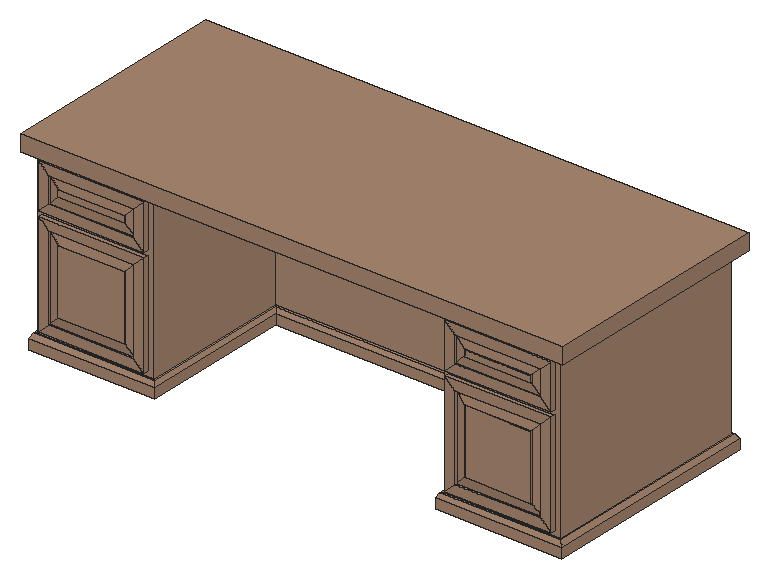
Revit family
Parameters (values of type "Desk - Executive")
  Keynote = "N"
  Assembly Code = "E2020200"
  Material Desk = Wood - Mahogany
Reference planes
  plane 1 "Center F/B": y = 0.647
  plane 2: z = 0
  plane 3 "Center L/R": x = 124.333
  plane 4: x = 1153.033
  plane 5: x = 695.833
  plane 6: x = -447.167
  plane 7: x = -904.367
  plane 8: y = -456.553
  plane 9: y = 419.747
  plane 10: y = -418.453
  plane 11: x = 1191.133
  plane 12: y = 457.847
  plane 13: x = -942.467
  plane 14: y = 216.547
  plane 15: y = 178.447
  plane 16: x = 714.883
  plane 17: x = 1127.633
  plane 18: z = 76.2
  plane 19: z = 501.65
  plane 20: z = 482.6
  plane 21: z = 762
  plane 22: z = 698.5
  plane 23: z = 679.45
  plane 24: x = -885.317
  plane 25: x = -472.567
Forms (mm)
  Extrusion 1, solid, material "Wood - Mahogany" <- "Material Desk"
    sketch origin (0, 0, 0) x (1, 0, 0) y (0, 1, 0)
      loop
        line (-942.467, 457.847) -> (-942.467, -456.553) -> (1191.133, -456.553) -> (1191.133, 457.847) -> (-942.467, 457.847)
    from 698.5 to 762
  Extrusion 2, solid, material "Wood - Mahogany" <- "Material Desk"
    sketch origin (0, 0, 0) x (1, 0, 0) y (0, 1, 0)
      loop
        line (-904.367, 419.747) -> (-904.367, -418.453) -> (-447.167, -418.453) -> (-447.167, 419.747) -> (-904.367, 419.747)
      loop
        line (695.833, -418.453) -> (1153.033, -418.453) -> (1153.033, 419.747) -> (695.833, 419.747) -> (695.833, -418.453)
    from 0 to 698.5
  Extrusion 3, solid, material "Wood - Mahogany" <- "Material Desk"
    sketch origin (0, 0, 0) x (1, 0, 0) y (0, 1, 0)
      loop
        line (-447.167, 216.547) -> (-447.167, 178.447) -> (695.833, 178.447) -> (695.833, 216.547) -> (-447.167, 216.547)
    from 0 to 698.5
  Extrusion 4, solid, material "Wood - Mahogany" <- "Material Desk"
    sketch origin (-4820.773, -418.453, 704.107) x (0, 0, -1) y (1, 0, 0)
      loop
        line (551.707, 5611.856) -> (551.707, 5873.75) -> (297.707, 5873.75) -> (297.707, 5611.856) -> (551.707, 5611.856)
    from 0 to 19.05
  Extrusion 5, solid, material "Wood - Mahogany" <- "Material Desk"
    sketch origin (-4820.773, -418.453, 704.107) x (0, 0, -1) y (1, 0, 0)
      loop
        line (100.857, 5611.856) -> (126.257, 5611.856) -> (126.257, 5873.75) -> (100.857, 5873.75) -> (100.857, 5611.856)
    from 0 to 19.05
  Sweep 6, solid, material "Wood - Mahogany" <- "Material Desk"
    path origin (-4820.773, -418.453, 704.107) x (0, 0, -1) y (1, 0, 0)
      loop
        line (297.707, 5611.856) -> (552.45, 5611.856) -> (552.45, 5873.75) -> (297.707, 5873.75) -> (297.707, 5611.856)
    profile origin (922.03, -418.453, 0) x (0, 0, 1) y (0, -1, 0)
      loop
        line (406.4, 17.181) -> (406.4, 0) -> (482.6, 0) -> (482.6, 19.05) -> (444.5, 19.05) -> (444.5, 10.463) -> (406.4, 17.181)
  Sweep 7, solid, material "Wood - Mahogany" <- "Material Desk"
    path origin (-902.823, -418.453, 698.5) x (0, 0, -1) y (1, 0, 0)
      loop
        line (95.25, 1693.906) -> (120.65, 1693.906) -> (120.65, 1955.8) -> (95.25, 1955.8) -> (95.25, 1693.906)
    profile origin (922.03, -418.453, 0) x (0, 0, 1) y (0, -1, 0)
      loop
        line (603.25, 0) -> (679.45, 0) -> (679.45, 19.05) -> (641.35, 19.05) -> (641.35, 12.847) -> (603.25, 16.18) -> (603.25, 0)
  Sweep 8, solid, material "Wood - Mahogany" <- "Material Desk"
    path origin (0, 0, 0) x (1, 0, 0) y (0, 1, 0)
      loop
        line (-447.167, 178.447) -> (-447.167, 419.747) -> (-904.367, 419.747) -> (-904.367, -418.453) -> (-447.167, -418.453) -> (-447.167, 178.447) -> (695.833, 178.447) -> (695.833, -418.453) -> (1153.033, -418.453) -> (1153.033, 419.747) -> (695.833, 419.747) -> (695.833, 178.447)
    profile origin (0, 0.647, 0) x (1, 0, 0) y (0, 0, 1)
      loop
        line (-923.417, 0) -> (-904.367, 0) -> (-904.367, 57.15) -> (-913.892, 57.15) -> (-923.417, 38.1) -> (-923.417, 0)
  Extrusion 9, solid, material "Wood - Mahogany" <- "Material Desk"
    sketch origin (-4820.773, -418.453, 704.107) x (0, 0, -1) y (1, 0, 0)
      loop
        line (552.45, 4011.656) -> (552.45, 4273.55) -> (297.707, 4273.55) -> (297.707, 4011.656) -> (552.45, 4011.656)
    from 0 to 19.05
  Extrusion 10, solid, material "Wood - Mahogany" <- "Material Desk"
    sketch origin (-4820.773, -418.453, 704.107) x (0, 0, -1) y (1, 0, 0)
      loop
        line (100.857, 4011.656) -> (126.257, 4011.656) -> (126.257, 4273.55) -> (100.857, 4273.55) -> (100.857, 4011.656)
    from 0 to 19.05
  Sweep 11, solid, material "Wood - Mahogany" <- "Material Desk"
    path origin (-902.823, -418.453, 698.5) x (0, 0, -1) y (1, 0, 0)
      loop
        line (95.25, 93.706) -> (120.65, 93.706) -> (120.65, 355.6) -> (95.25, 355.6) -> (95.25, 93.706)
    profile origin (-678.17, -418.453, 0) x (0, 0, 1) y (0, -1, 0)
      loop
        line (603.25, 0) -> (679.45, 0) -> (679.45, 19.05) -> (641.35, 19.05) -> (641.35, 12.847) -> (603.25, 16.18) -> (603.25, 0)
  Sweep 12, solid, material "Wood - Mahogany" <- "Material Desk"
    path origin (-4820.773, -418.453, 704.107) x (0, 0, -1) y (1, 0, 0)
      loop
        line (297.707, 4011.656) -> (552.45, 4011.656) -> (552.45, 4273.55) -> (297.707, 4273.55) -> (297.707, 4011.656)
    profile origin (-678.17, -418.453, 0) x (0, 0, 1) y (0, -1, 0)
      loop
        line (406.4, 17.181) -> (406.4, 0) -> (482.6, 0) -> (482.6, 19.05) -> (444.5, 19.05) -> (444.5, 10.463) -> (406.4, 17.181)
  Sweep 13, void
    path origin (1153.033, 419.747, 698.5) x (0, 0, -1) y (-1, 0, 0)
      loop
        line (546.843, 1700.256) -> (546.843, 1962.15) -> (95.25, 1962.15) -> (95.25, 1700.256) -> (546.843, 1700.256)
    profile origin (-678.17, 419.747, 0) x (0, 0, 1) y (0, 1, 0)
      loop
        line (150.776, 0) -> (112.676, 0) -> (112.676, -12.7) -> (150.776, -5.982) -> (150.776, 0)
  Sweep 14, void
    path origin (2753.233, 419.747, 698.5) x (0, 0, -1) y (-1, 0, 0)
      loop
        line (546.843, 1700.256) -> (546.843, 1962.15) -> (95.25, 1962.15) -> (95.25, 1700.256) -> (546.843, 1700.256)
    profile origin (922.03, 419.747, 0) x (0, 0, 1) y (0, 1, 0)
      loop
        line (150.776, 0) -> (112.676, 0) -> (112.676, -12.7) -> (150.776, -5.982) -> (150.776, 0)
Cuts and joins
  Sweep 13 cuts Extrusion 1
  Sweep 13, Sweep 14 cuts Extrusion 2
  Sweep 13 cuts Extrusion 3
  Sweep 13 cuts Extrusion 4
  Sweep 13 cuts Extrusion 5
  Sweep 13 cuts Sweep 6
  Sweep 13 cuts Sweep 7
  Sweep 13 cuts Sweep 8
  Sweep 13 cuts Extrusion 9
  Sweep 13 cuts Extrusion 10
  Sweep 13 cuts Sweep 11
  Sweep 13 cuts Sweep 12
Lines and regions (mm)
  Masking region 1
    outline origin (0, 0, 0) x (1, 0, 0) y (0, 1, 0)
      loop
        line (-942.467, 457.847) -> (-942.467, -456.553) -> (1191.133, -456.553) -> (1191.133, 457.847) -> (-942.467, 457.847)
  symbolic lines
    curve 1: line (1191.133, 457.847, 0) -> (-942.467, 457.847, 0)
    curve 2: line (-942.467, 457.847, 0) -> (-942.467, -456.553, 0)
    curve 3: line (-942.467, -456.553, 0) -> (1191.133, -456.553, 0)
    curve 4: line (1191.133, -456.553, 0) -> (1191.133, 457.847, 0)
Dimensions and locks
  locked: plane 8 to plane 12 at 914.4
  plane 13 to plane 7 to plane 6 = 38.1 mm locked, 457.2 mm locked
  equal spacing: plane 6, plane 3 "Center L/R", plane 5
  plane 5 to plane 4 to plane 11 = 457.2 mm locked, 38.1 mm locked
  plane 8 to plane 10 = 38.1 mm
  equal spacing: plane 10, plane 1 "Center F/B", plane 9
  plane 12 to plane 9 = 38.1 mm
  locked: plane 9 to plane 14 at 203.2
  locked: plane 15 to plane 14 at 38.1
  locked: plane 19 to plane 20 at 19.05
  locked: plane 18 to level at 76.2
  locked: plane 21 to plane 2 at 762
  locked: plane 21 to plane 22 at 63.5
  locked: plane 22 to plane 23 at 19.05
  locked: plane 23 to plane 19 at 177.8
  locked: plane 7 to plane 11 at 2095.5
  aligned and locked: plane 21 to Extrusion 1
  aligned and locked: plane 22 to Extrusion 3
  aligned and locked: plane 22 to Extrusion 2
  aligned and locked: Extrusion 1 to plane 22
  aligned: Masking region 1 sketch curve to cut or joined group of Extrusion 1, Sweep 13  (x3)
  aligned: cut or joined group of Extrusion 1, Sweep 13 to Masking region 1 sketch curve
Automatic sketch dimensions
  Masking region 1 sketch curve to plane 8 = 0 mm
  Masking region 1 sketch curve to plane 13 = 0 mm
  Masking region 1 sketch curve to plane 11 = 0 mm
  Masking region 1 sketch curve to plane 12 = 0 mm
